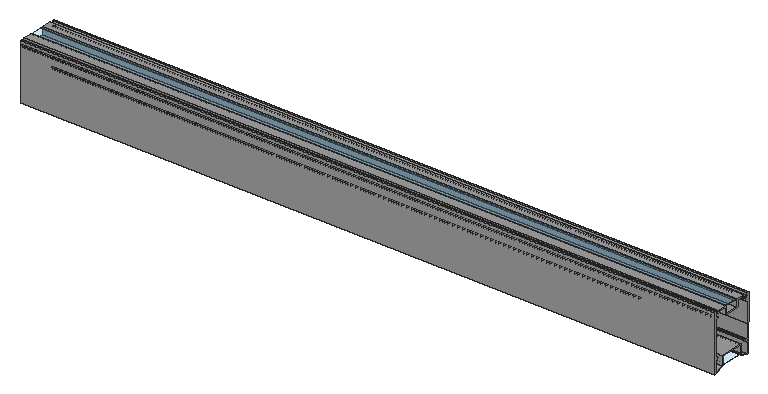
Revit family "PC6080B", category Luminarias, Revit 2019
Family settings
  Cota de conector redondo = Diámetro de uso
  Tipo de pieza = Normal
  Se basa en plano de trabajo = Sí
  Siempre vertical = No
  Corte con vacíos al cargar = No
  Origen de luz = No
  Compartido = Sí
  Punto de cálculo de habitación = No
Parameters (values of type "PERFIL_PC6080B")
  Tensor 6080B.2 = (Longitud / 1000 mm) * (3)  # 3
  Tapa Final 6080B.1 = 1
  Keynote = ""
  Modelo = "PC6080B"
  Lamp = ""
  Longitud = 1000 mm
  Fabricante = "BRILLANT"
  Default Elevation = 1219.2 mm
  Descripción = "PERFIL DE ALUMINIO EN FORMA DE “H” CON DIFUSOR LECHOSO, PARA ALOJAR DOS TIRAS LUMINOSAS O TABLETAS, PERFIL DE COLOCACION SUPERIOR DE 19.2MM DE ANCHO E INFERIOR DE 31.4MM CON ESPACIO PARA DRIVER INTERIOR. INSTALACION SOBRE SUPERFICIES, CUENTA CON PIEZAS DE SUJECION PARA DIRIGIR LA CANALETA Y DESPLAZARLA, PERFIL PARA SUSPENDER. IDEAL PARA ATENUAR EL BRILLO E INCORPORAR LA LUZ AL AMBIENTE.PRESENTACION DESDE 0.5 - 3 METROS, REQUEIRE ACCESORIOS COMO TAPA FINAL (CONSIDERAR 1 PAR DE PZAS POR SEGMENTO DE PERFIL) Y TENSORES PARA SUSPENDER (CONSIDERAR 3PZAS POR SEGMENTO DE PERFIL)."
  Costo USD_PC6080B [instance] = (Longitud / 1000 mm) * (50)  # 50
  Wattage Comments = ""
Reference planes
  plane 1 "Centro (Frontal/Posterior)": y = 0
  plane 2: z = 0
  plane 3 "Centro (Izquierda/Derecha)": x = 0
  plane 4: x = -1000
Forms (mm)
  Extrusion 1, solid, material "Aluminio"
    sketch origin (37.527, 0, 32.853) x (0, 0, 1) y (0, -1, 0)
      loop
        line (-32.853, -30) -> (47.147, -30) -> (47.147, -27.929) -> (45.313, -26.645) -> (45.313, -23.899) -> (47.147, -23.899) -> (47.147, -9.6) -> (37.147, -9.6) -> (37.147, 9.6) -> (47.147, 9.6) -> (47.147, 23.899) -> (45.313, 23.899) -> (45.313, 26.645) -> (47.147, 27.929) -> (47.147, 30) -> (-32.853, 30) -> (-27.648, 15.7) -> (-14.619, 15.7) -> (-14.619, -15.7) -> (-27.648, -15.7) -> (-32.853, -30)
      loop
        line (39.141, 25.693) -> (40.533, 27.627)
        arc (40.533, 27.627) -> (40.191, 27.998) -> (39.732, 28.21) r 1.293
        line (39.732, 28.21) -> (38.333, 26.269)
        arc (38.333, 26.269) -> (38.137, 26.951) -> (38.331, 27.634) r 1.293
        line (38.331, 27.634) -> (39.459, 29.2) -> (6.347, 29.2) -> (-12.665, 29.2) -> (-11.537, 27.634)
        arc (-11.537, 27.634) -> (-11.343, 26.951) -> (-11.54, 26.269) r 1.293
        line (-11.54, 26.269) -> (-12.938, 28.21)
        arc (-12.938, 28.21) -> (-13.397, 27.998) -> (-13.74, 27.627) r 1.293
        line (-13.74, 27.627) -> (-12.347, 25.693)
        arc (-12.347, 25.693) -> (-13.05, 25.728) -> (-13.63, 26.126) r 1.293
        line (-13.63, 26.126) -> (-15.844, 29.2) -> (-31.711, 29.2) -> (-27.088, 16.5) -> (-13.819, 16.5) -> (-13.819, -16.5) -> (-27.088, -16.5) -> (-31.711, -29.2) -> (-15.844, -29.2) -> (-13.63, -26.126)
        arc (-13.63, -26.126) -> (-13.05, -25.728) -> (-12.347, -25.693) r 1.293
        line (-12.347, -25.693) -> (-13.74, -27.627)
        arc (-13.74, -27.627) -> (-13.397, -27.998) -> (-12.938, -28.21) r 1.293
        line (-12.938, -28.21) -> (-11.54, -26.269)
        arc (-11.54, -26.269) -> (-11.343, -26.951) -> (-11.537, -27.634) r 1.293
        line (-11.537, -27.634) -> (-12.665, -29.2) -> (6.347, -29.2) -> (39.459, -29.2) -> (38.331, -27.634)
        arc (38.331, -27.634) -> (38.137, -26.951) -> (38.333, -26.269) r 1.293
        line (38.333, -26.269) -> (39.732, -28.21)
        arc (39.732, -28.21) -> (40.191, -27.998) -> (40.533, -27.627) r 1.293
        line (40.533, -27.627) -> (39.141, -25.693)
        arc (39.141, -25.693) -> (39.843, -25.728) -> (40.424, -26.126) r 1.293
        line (40.424, -26.126) -> (42.638, -29.2) -> (46.347, -29.2) -> (46.347, -28.346) -> (44.513, -27.061) -> (44.513, -23.099) -> (46.347, -23.099) -> (46.347, -10.4) -> (36.347, -10.4) -> (36.347, 10.4) -> (46.347, 10.4) -> (46.347, 23.099) -> (44.513, 23.099) -> (44.513, 27.061) -> (46.347, 28.346) -> (46.347, 29.2) -> (42.638, 29.2) -> (40.424, 26.126)
        arc (40.424, 26.126) -> (39.843, 25.728) -> (39.141, 25.693) r 1.293
    from -1037.527 to -37.527
  Extrusion 2, solid, material "Difusor Lechoso"
    sketch origin (22.394, 0, 27.494) x (0, 0, 1) y (0, -1, 0)
      loop
        line (52.506, -9.6) -> (52.506, 9.6) -> (49.096, 9.6) -> (49.874, 8.8) -> (51.706, 8.8) -> (51.706, -8.8) -> (49.874, -8.8) -> (49.096, -9.6) -> (52.506, -9.6)
      loop
        line (-22.29, -15.7) -> (-18.88, -15.7) -> (-19.658, -14.9) -> (-21.49, -14.9) -> (-21.49, 14.9) -> (-19.658, 14.9) -> (-18.88, 15.7) -> (-22.29, 15.7) -> (-22.29, -15.7)
    from -1022.394 to -22.394
Dimensions and locks
  "Longitud": plane 3 "Centro (Izquierda/Derecha)" to plane 4
  "Longitud": plane 4 to plane 3 "Centro (Izquierda/Derecha)"
  Extrusion 1 sketch curve to Extrusion 1 sketch curve = 31.4 mm
  Extrusion 1 sketch curve to Extrusion 1 sketch curve = 60 mm
  Extrusion 1 to Extrusion 1 = 60 mm
  Extrusion 1 to Extrusion 1 = 31.4 mm
  Extrusion 1 to level = 80 mm
  Extrusion 1 to Extrusion 1 = 19.2 mm
  aligned and locked: level to plane 2
  aligned and locked: plane 4 to Extrusion 1
  aligned and locked: plane 3 "Centro (Izquierda/Derecha)" to Extrusion 1
  aligned and locked: plane 4 to Extrusion 2
  aligned and locked: plane 3 "Centro (Izquierda/Derecha)" to Extrusion 2
Automatic sketch dimensions
  Extrusion 1 sketch curve to Extrusion 1 sketch curve = 0 mm  (x17)
  Extrusion 1 sketch curve to level = 0 mm  (x2)
  level to Extrusion 1 sketch curve = 1.143 mm  (x2)
  level to Extrusion 1 sketch curve = 5.205 mm  (x2)
  Extrusion 1 sketch curve to Extrusion 1 sketch curve = 0.56 mm  (x2)
  Extrusion 1 sketch curve to Extrusion 1 sketch curve = 15.867 mm  (x2)
  Extrusion 1 sketch curve to Extrusion 1 sketch curve = 12.469 mm
  Extrusion 1 sketch curve to Extrusion 1 sketch curve = 2.104 mm  (x4)
  Extrusion 1 sketch curve to Extrusion 1 sketch curve = 0.11 mm  (x2)
  Extrusion 1 sketch curve to Extrusion 1 sketch curve = 0.801 mm  (x2)
  Extrusion 1 sketch curve to Extrusion 1 sketch curve = 0.273 mm  (x4)
  Extrusion 1 sketch curve to Extrusion 1 sketch curve = 0.994 mm  (x3)
  Extrusion 1 sketch curve to Extrusion 1 sketch curve = 1.103 mm
  Extrusion 1 sketch curve to Extrusion 1 sketch curve = 0.289 mm  (x3)
  Extrusion 1 sketch curve to Extrusion 1 sketch curve = 0.807 mm  (x4)
  Extrusion 1 sketch curve to Extrusion 1 sketch curve = 1.099 mm  (x3)
  Extrusion 1 sketch curve to Extrusion 1 sketch curve = 17.884 mm  (x2)
  plane 1 "Centro (Frontal/Posterior)" to Extrusion 1 sketch curve = 9.6 mm
  Extrusion 1 sketch curve to Extrusion 1 sketch curve = 30.8 mm
  Extrusion 1 sketch curve to plane 1 "Centro (Frontal/Posterior)" = 27.634 mm
  Extrusion 1 sketch curve to Extrusion 1 sketch curve = 1.184 mm  (x2)
  plane 1 "Centro (Frontal/Posterior)" to Extrusion 1 sketch curve = 27.634 mm
  plane 1 "Centro (Frontal/Posterior)" to Extrusion 1 sketch curve = 26.269 mm
  Extrusion 1 sketch curve to Extrusion 1 sketch curve = 0.003 mm  (x2)
  Extrusion 1 sketch curve to plane 1 "Centro (Frontal/Posterior)" = 26.269 mm
  Extrusion 1 sketch curve to Extrusion 1 sketch curve = 1.128 mm  (x2)
  plane 1 "Centro (Frontal/Posterior)" to Extrusion 1 sketch curve = 29.2 mm  (x2)
  plane 1 "Centro (Frontal/Posterior)" to Extrusion 1 sketch curve = 28.21 mm
  Extrusion 1 sketch curve to plane 1 "Centro (Frontal/Posterior)" = 28.21 mm
  plane 1 "Centro (Frontal/Posterior)" to Extrusion 1 sketch curve = 26.126 mm
  Extrusion 1 sketch curve to plane 1 "Centro (Frontal/Posterior)" = 26.126 mm
  Extrusion 1 sketch curve to plane 1 "Centro (Frontal/Posterior)" = 27.627 mm
  plane 1 "Centro (Frontal/Posterior)" to Extrusion 1 sketch curve = 27.627 mm
  Extrusion 1 sketch curve to plane 1 "Centro (Frontal/Posterior)" = 29.2 mm  (x2)
  Extrusion 1 sketch curve to Extrusion 1 sketch curve = 4.089 mm
  Extrusion 1 sketch curve to plane 1 "Centro (Frontal/Posterior)" = 27.061 mm
  Extrusion 1 sketch curve to Extrusion 1 sketch curve = 1.876 mm
  Extrusion 1 sketch curve to Extrusion 1 sketch curve = 0.8 mm  (x15)
  Extrusion 1 sketch curve to plane 1 "Centro (Frontal/Posterior)" = 28.346 mm
  Extrusion 1 sketch curve to Extrusion 1 sketch curve = 1.034 mm  (x4)
  Extrusion 1 sketch curve to Extrusion 1 sketch curve = 0.99 mm
  Extrusion 1 sketch curve to Extrusion 1 sketch curve = 0.416 mm  (x3)
  Extrusion 1 sketch curve to Extrusion 1 sketch curve = 0.577 mm
  Extrusion 1 sketch curve to Extrusion 1 sketch curve = 0.583 mm
  Extrusion 1 sketch curve to Extrusion 1 sketch curve = 0.827 mm
  Extrusion 1 sketch curve to Extrusion 1 sketch curve = 2.746 mm  (x2)
  Extrusion 1 sketch curve to Extrusion 1 sketch curve = 12.7 mm
  Extrusion 1 sketch curve to plane 1 "Centro (Frontal/Posterior)" = 10.4 mm
  Extrusion 1 sketch curve to Extrusion 1 sketch curve = 3.027 mm
  Extrusion 1 sketch curve to Extrusion 1 sketch curve = 3.507 mm
  Extrusion 1 sketch curve to Extrusion 1 sketch curve = 0.433 mm
  Extrusion 1 sketch curve to Extrusion 1 sketch curve = 0.575 mm
  Extrusion 1 sketch curve to Extrusion 1 sketch curve = 0.674 mm
  Extrusion 1 sketch curve to Extrusion 1 sketch curve = 1.271 mm
  Extrusion 1 sketch curve to Extrusion 1 sketch curve = 0.854 mm
  Extrusion 1 sketch curve to Extrusion 1 sketch curve = 1.573 mm
  level to Extrusion 2 sketch curve = 5.205 mm
  Extrusion 2 sketch curve to Extrusion 2 sketch curve = 0.8 mm  (x6)
  Extrusion 2 sketch curve to Extrusion 2 sketch curve = 1.832 mm  (x3)
  Extrusion 2 sketch curve to Extrusion 2 sketch curve = 0.778 mm  (x4)
  plane 1 "Centro (Frontal/Posterior)" to Extrusion 2 sketch curve = 9.6 mm
  Extrusion 2 sketch curve to Extrusion 2 sketch curve = 67.977 mm
  Extrusion 2 sketch curve to plane 1 "Centro (Frontal/Posterior)" = 9.6 mm
  Extrusion 2 sketch curve to Extrusion 2 sketch curve = 0 mm
  Extrusion 2 sketch curve to plane 1 "Centro (Frontal/Posterior)" = 15.7 mm
  plane 1 "Centro (Frontal/Posterior)" to Extrusion 2 sketch curve = 14.9 mm
